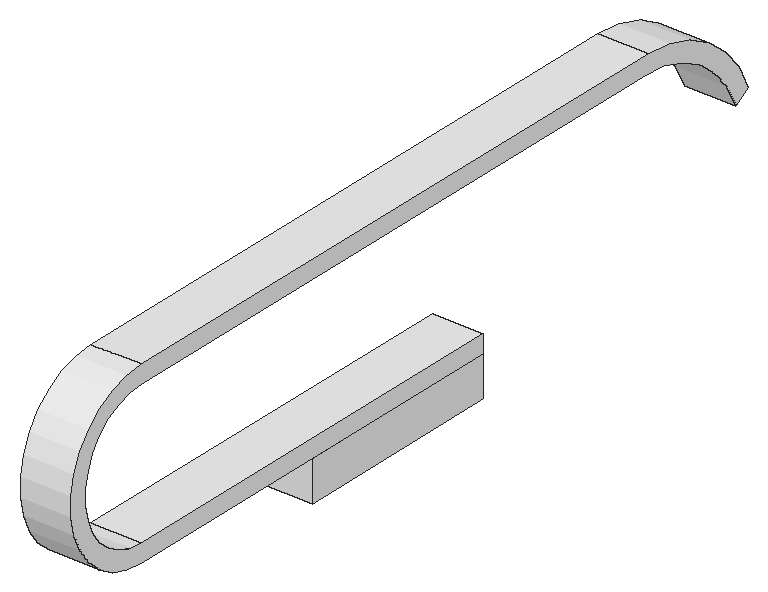
Revit family "Paper_Holder-Grohe-StarLight-41067_Series", category Plumbing Fixtures, host Face, Revit 2016
Family settings
  Host = Face
  Part Type = Normal
  Round Connector Dimension = Use Diameter
  Cut with Voids When Loaded = No
  Shared = Yes
  Room Calculation Point = No
Parameters (values of type "41067000")
  Width = 9/16"
  Waste Connection = no
  Warranty Information = ""
  WFU = 0
  Vent Connection = no
  URL = "https://www.grohe.us/"
  Type Comments = ""
  Product Page URL = ""
  Product Documentation Link = ""
  Price = "Prices may vary. Please consult Manufacturer Representative for most up-to-date price list."  # constant formula
  Model = "41067000"
  Manufacturer = "Grohe"
  Length = 2 7/16"
  Installation Type = "Wall"
  Height = 9 7/16"
  HWFU = 0
  HW Connection = no
  Finish = Metal-Grohe-000-StarLight Chrome
  Description = "Paper Holder"
  Default Elevation = 0"
  Creation Date = "08/19/2020"
  CWFU = 0
  CW Connection = no
  Assembly Code = ""
Types (6): name | Model | Finish
  (no name) | "41067000" | Metal-Grohe-000-StarLight Chrome
  41067000 | "41067000" | Metal-Grohe-000-StarLight Chrome
  41067A00 | "41067A00" | Metal-Grohe-A00-Hard Graphite
  41067BE0 | "41067BE0" | Metal-Grohe-BE0-Polished Nickel InfinityFinish
  41067EN0 | "41067EN0" | Metal-Grohe-EN0-Brushed Nickel InfinityFinish
  41067GN0 | "41067GN0" | Metal-Grohe-GN0-Brushed Cool Sunrise
Reference planes (in)
  plane 1 "Center (Front/Back)": y = 0
  plane 2: z = 0
  plane 3 "Center (Left/Right)": x = 0
  plane 4: z = 2.4375
  plane 5: y = -5.74811
  plane 6: y = 3.68939
  plane 7: y = -5.74811
  plane 8: y = 3.68939
  plane 9: x = -0.28125
  plane 10: x = 0.28125
Forms (in)
  Extrusion 1, solid, material "Metal-Grohe-000-StarLight Chrome" <- "Finish"
    sketch origin (0, 0, 0) x (1, 0, 0) y (0, 1, 0)
      loop
        line (-0.28125, 0) -> (-0.28125, -2.375) -> (0.28125, -2.375) -> (0.28125, 0) -> (-0.28125, 0)
    from 0 to 0.45225
  Extrusion 2, solid, material "Metal-Grohe-000-StarLight Chrome" <- "Finish"
    sketch origin (0, 0, 0) x (0, 1, 0) y (0, 0, 1)
      loop
        line (0, 0.45225) -> (0, 0.65537) -> (-4.75549, 0.65537)
        arc (-4.75549, 0.65537) -> (-5.5501, 1.44998) -> (-4.75549, 2.24459) r 0.79461
        line (-4.75549, 2.24459) -> (2.24716, 2.24459)
        arc (2.24716, 2.24459) -> (3.01152, 2.01039) -> (3.51347, 1.38817) r 1.36441
        line (3.51347, 1.38817) -> (3.68939, 1.48974)
        arc (3.68939, 1.48974) -> (3.13939, 2.17807) -> (2.29737, 2.4375) r 1.49613
        line (2.29737, 2.4375) -> (-4.75549, 2.4375)
        arc (-4.75549, 2.4375) -> (-5.74811, 1.44487) -> (-4.75549, 0.45225) r 0.99263
        line (-4.75549, 0.45225) -> (0, 0.45225)
    from -0.28125 to 0.28125
Lines and regions (in)
  Masking region 1
    outline origin (0, 0, 0) x (1, 0, 0) y (0, 0, 1)
      loop
        line (0.28125, 2.4375) -> (-0.28125, 2.4375) -> (-0.28125, 0) -> (0.28125, 0) -> (0.28125, 2.4375)
  symbolic lines, detail levels medium+fine
    curve 1: line (0.28125, 0, 0.45225) -> (-0.28125, 0, 0.45225)
  symbolic lines, detail levels fine
    curve 2: line (0.28125, 0, 1.48974) -> (-0.28125, 0, 1.48974)
    curve 3: line (0.28125, 0, 1.38817) -> (-0.28125, 0, 1.38817)
    curve 4: line (0.28125, 0, 0.65537) -> (-0.28125, 0, 0.65537)
Dimensions and locks (in)
  locked: Extrusion 1 sketch curve to plane 1 "Center (Front/Back)" at 2.375
  Extrusion 1 sketch curve to plane 3 "Center (Left/Right)" = 9/32"
  plane 3 "Center (Left/Right)" to Extrusion 1 sketch curve = 9/32"
  "Length": plane 4 to level
  locked: Extrusion 1 to level at 0.45225
  plane 6 to plane 5 = 9 7/16"
  "Height": plane 8 to plane 7
  Extrusion 2 sketch curve to Extrusion 2 sketch curve to Extrusion 2 sketch curve to Extrusion 1 to level = 0.19291" locked, 1.58922" locked, 13/64" locked, 0.45225" locked
  locked: Extrusion 2 sketch curve to level at 0.94137
  locked: Extrusion 2 sketch curve to level at 1.44487
  locked: Extrusion 2 sketch curve to plane 1 "Center (Front/Back)" at 2.29737
  locked: plane 1 "Center (Front/Back)" to Extrusion 2 sketch curve at 4.75549  (x2)
  locked: Extrusion 2 sketch curve to level at 0.88018
  locked: Extrusion 2 sketch curve to level at 1.44998
  locked: Extrusion 2 sketch curve to plane 1 "Center (Front/Back)" at 2.24716
  "Width": plane 9 to plane 10
  equal spacing: plane 9, plane 3 "Center (Left/Right)", plane 10
  Extrusion 2 sketch curve to Extrusion 2 sketch curve to level = 13/128" locked, 1.38817" locked
  aligned and locked: plane 2 to host face
  aligned and locked: level to host face
  aligned and locked: plane 1 "Center (Front/Back)" to Extrusion 1 sketch curve
  aligned and locked: Extrusion 2 sketch curve to plane 1 "Center (Front/Back)"
  aligned and locked: Extrusion 1 to plane 10
  aligned and locked: Extrusion 2 to plane 10
  aligned and locked: Extrusion 1 to plane 9
  aligned and locked: Extrusion 2 to plane 9
  aligned and locked: Masking region 1 sketch curve to Extrusion 2  (x2)
  aligned and locked: Masking region 1 sketch curve to Extrusion 1  (x2)
  aligned and locked: curve 1 to Extrusion 1
  aligned and locked: curve 2 to Extrusion 2
  aligned and locked: curve 3 to Extrusion 2
  aligned and locked: curve 4 to Extrusion 2
Automatic sketch dimensions
  host sketch curve to host sketch curve = 96"  (x2)
  curve 2 to plane 9 = 0"
  curve 1 to plane 9 = 0"
  curve 3 to plane 9 = 0"
  curve 4 to plane 9 = 0"
  plane 10 to curve 3 = 0"
  plane 10 to curve 4 = 0"
  plane 10 to curve 1 = 0"
  plane 10 to curve 2 = 0"
